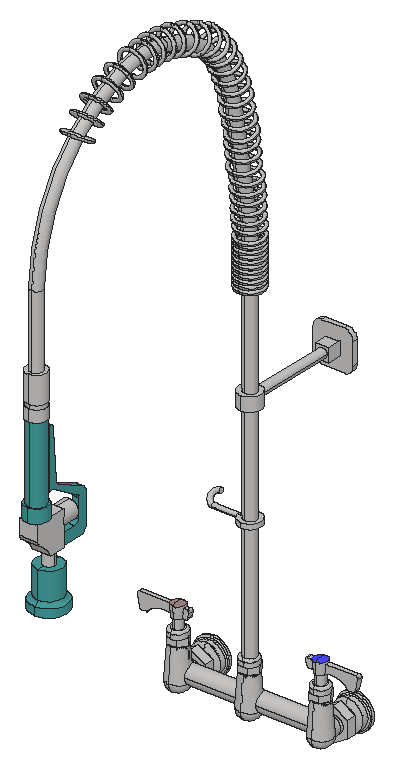
Revit family "Krowne_17-108WL_WallMount_Pre-Rinse_Faucet", category Plumbing Fixtures, Revit 2018
Family settings
  Round Connector Dimension = Use Diameter
  Part Type = Normal
  OmniClass Number = 23.40.40.00
  OmniClass Title = Food Service Equipment and Furnishings
  Work Plane-Based = No
  Always vertical = Yes
  Cut with Voids When Loaded = No
  Shared = No
  Room Calculation Point = No
Parameters (values of type "DefaultType")
  Width = 12 3/4"
  Weight in Pounds = 5
  Watermarked By = ""
  Waste Water Discharge Temperature [instance] = -459.67 °F
  URL Cutsheet = ""
  URL = "https://krowne.com/"
  Status [instance] = ""
  Specification by User [instance] = ""
  Specification by Manufacturer [instance] = ""
  Serial Number [instance] = ""
  Revision Code [instance] = ""
  Plumbing Remarks [instance] = ""
  Plumbing Connection Type = ""
  NAFEM Spec ID Number [instance] = ""
  Model = "17-108WL"
  Masterspec [instance] = ""
  Manufacturer = "Krowne Metal"
  KCLRef = "KCL2C9,,0004c5aa-0000-0000-0000-000000000307,KR,17-108WL ,637171303360000000,f98cff66-b11b-4e3f-9cb6-cd3932b2c1ea,1543d1b9-f509-4aee-bd56-6745da4c4c0b"
  KCL SpecSheet URL = "http://kclweb.kclcad.com/imagehandler.ashx?kdoc=17-108wl&R=KR&M=17-108WL%20&VC=7&TID=KCLWeb&T=doc"
  Item Number [instance] = "-"
  Installed By [instance] = ""
  Hot Water Temperature = 100 °F
  Hot Water Size = 1/2"
  Hot Water RI Height [instance] = 0"
  Hot Water Minimum Pressure = 0.00 psi
  Hot Water Maximum Pressure = 0.00 psi
  Hot Water Flow = 1.2 GPM
  Hot Water Consumption = 0 GPM
  Hot Water Connection Height = 0"
  Height = 3 3/8"
  Furnished By [instance] = ""
  Foodservice Equipment Identifier = yes
  Description = "Wall Mount Pre-Rinse"
  Depth = 1 7/8"
  Cold Water Temperature Recommended = -459.67 °F
  Cold Water Size = 1/2"
  Cold Water RI Height [instance] = 0"
  Cold Water Minimum Pressure = 0.00 psi
  Cold Water Maximum Pressure = 0.00 psi
  Cold Water Flow = 1.2 GPM
  Cold Water Consumption = ""
  Cold Water Connection Height = 0"
  CSI MasterFormat = ""
  Assembly Code = "E1090300"
Reference planes
  plane 1 "BACK": y = 0
  plane 2: z = 0
  plane 3 "LEFT": x = -481.094
  plane 4 "RIGHT": x = -157.244
  plane 5 "CENTER L/R": x = -319.169
  plane 6: y = -23.812
  plane 7: y = -381
  plane 8: z = 96.837
  plane 9: x = -347.744
  plane 10: x = -290.594
  plane 11: z = 123.825
  plane 12: z = 73.025
  plane 13: z = 987.425
Lines and regions (mm)
  symbolic lines
    curve 1: arc (-319.169, -33.337, 0) -> (-328.694, -23.812, 0) -> (-319.169, -14.288, 0) r 9.525
    curve 2: arc (-319.169, -14.288, 0) -> (-309.644, -23.812, 0) -> (-319.169, -33.337, 0) r 9.525
Dimensions and locks
  "Width": plane 3 "LEFT" to plane 4 "RIGHT"
  plane 6 to plane 1 "BACK" = 15/16"
  equal spacing: plane 3 "LEFT", plane 5 "CENTER L/R", plane 4 "RIGHT"
  plane 7 to plane 6 = 14 1/16"
  equal spacing: plane 9, plane 5 "CENTER L/R", plane 10
  plane 9 to plane 10 = 2 1/4"
  plane 11 to plane 8 = 1 1/16"
  plane 8 to plane 12 = 15/16"
  aligned and locked: level to plane 2
Automatic sketch dimensions
  curve 2 to plane 5 "CENTER L/R" = 0"
  curve 2 to curve 1 = 3/8"
  plane 6 to curve 2 = 0"
Nested families
  nested 1: "QF_Krowne_14-8_Body" at (-4.763, 38.894, -3.175), type "QF_Krowne_14-8_Body"
  nested 2: "Spring_Faucet_Hose" at (-4.763, -23.812, -3.175), type "Spring_Faucet_Hose"
Connectors
  piping at (-420.769, 45.244, 34.131), diameter 12.7, driven by "Hot Water Flow", driven by "Hot Water Size"
    settings: on nested 1, index 1, connector inside diameter 24", connector length 0", flow factor 0, pipe flow 1.2 GPM, pressure drop 0.00 psi, fitting loss kfactor 0, connector angle 0.00°, fixture units 0, engagement length 0", angle of deflection 0.00°, flow configuration 1, flow direction 1, fitting loss method 0, system type 19, joint type 0, gender type 0, connector reference index -1, connector utility 0, adjustable connector no, is connector primary yes, connector description "HOT WATER"
  piping at (-217.569, 45.244, 34.131), diameter 12.7, driven by "Cold Water Flow", driven by "Cold Water Size"
    settings: on nested 1, index 2, connector inside diameter 24", connector length 0", flow factor 0, pipe flow 1.2 GPM, pressure drop 0.00 psi, fitting loss kfactor 0, connector angle 0.00°, fixture units 0, engagement length 0", angle of deflection 0.00°, flow configuration 1, flow direction 1, fitting loss method 0, system type 20, joint type 0, gender type 0, connector reference index -1, connector utility 0, adjustable connector no, is connector primary no, connector description "COLD WATER"
Definition of nested family "QF_Krowne_14-8_Body"
  Parameters (values of type "QF_Krowne_14-8_Body")
    Width = 12 3/8"
    Watermarked By = ""
    Height = 3 7/8"
    Description = ""
    Depth = 4 15/16"
  Reference planes
    plane 1 "BACK": y = 0
    plane 2: z = 0
    plane 3 "LEFT": x = -471.569
    plane 4 "RIGHT": x = -157.244
    plane 5 "TOP": z = 128.588
    plane 6 "Center": x = -314.407
    plane 7 "Left of Handle": x = -416.007
    plane 8 "Right of Handle": x = -212.807
    plane 9 "Center of Handles": y = -125.412
    plane 10 "Top of Body": z = 74.612
    plane 11: x = -444.582
    plane 12: x = -184.232
    plane 13 "Faucet Handle Center": y = -62.706
    plane 14: y = -59.531
    plane 15: y = -65.881
    plane 16: z = 37.306
  Forms (mm)
    Extrusion 1, solid
      sketch origin (0, 0, 80.962) x (0, 1, 0) y (-1, 0, 0)
        loop
          line (-62.38, 401.719) -> (-50.006, 408.863) -> (-50.006, 423.151) -> (-62.38, 430.294) -> (-74.753, 423.151) -> (-74.753, 408.863) -> (-62.38, 401.719)
        loop
          line (-62.38, 198.519) -> (-50.006, 205.663) -> (-50.006, 219.951) -> (-62.38, 227.094) -> (-74.753, 219.951) -> (-74.753, 205.663) -> (-62.38, 198.519)
        loop
          line (-62.38, 300.119) -> (-50.006, 307.263) -> (-50.006, 321.551) -> (-62.38, 328.694) -> (-74.753, 321.551) -> (-74.753, 307.263) -> (-62.38, 300.119)
      from 0 to 9.525
    Revolve 2, solid
      sketch origin (-416.007, 0, 0) x (0, 1, 0) y (0, 0, 1)
        loop
          line (-62.706, 90.488) -> (-50.006, 90.488) -> (-50.006, 96.838)
          arc (-50.006, 96.838) -> (-50.936, 99.083) -> (-53.181, 100.013) r 3.175
          line (-53.181, 100.013) -> (-62.706, 100.013) -> (-62.706, 90.488)
        axis (-62.706, 90.488) -> (-62.706, 100.013)
      angle from 0 to 360
    Revolve 3, solid
      sketch origin (-212.807, 0, 0) x (0, 1, 0) y (0, 0, 1)
        loop
          line (-62.706, 100.012) -> (-56.356, 100.012) -> (-56.356, 114.3) -> (-62.706, 114.3) -> (-62.706, 100.012)
        axis (-62.706, 100.012) -> (-62.706, 114.3)
      angle from 0 to 360
    Revolve 4, solid
      sketch origin (-416.007, 0, 0) x (0, 1, 0) y (0, 0, 1)
        loop
          line (-62.706, 100.013) -> (-56.356, 100.013) -> (-56.356, 114.3) -> (-62.706, 114.3) -> (-62.706, 100.013)
        axis (-62.706, 100.013) -> (-62.706, 114.3)
      angle from 0 to 360
    Revolve 5, solid
      sketch origin (-416.007, 0, 0) x (0, 1, 0) y (0, 0, 1)
        loop
          line (-62.706, 114.3) -> (-54.769, 114.3) -> (-53.181, 130.175) -> (-62.706, 130.175) -> (-62.706, 114.3)
        axis (-62.706, 114.3) -> (-62.706, 130.175)
      angle from 0 to 360
    Revolve 6, solid
      sketch origin (-212.807, 0, 0) x (0, 1, 0) y (0, 0, 1)
        loop
          line (-62.706, 114.3) -> (-54.769, 114.3) -> (-53.181, 130.175) -> (-62.706, 130.175) -> (-62.706, 114.3)
        axis (-62.706, 114.3) -> (-62.706, 130.175)
      angle from 0 to 360
    Revolve 7, solid
      sketch origin (-416.007, 0, 0) x (0, 1, 0) y (0, 0, 1)
        loop
          line (-62.706, 130.175) -> (-53.181, 130.175)
          arc (-53.181, 130.175) -> (-57.646, 132.655) -> (-62.706, 133.35) r 13.869
          line (-62.706, 133.35) -> (-62.706, 130.175)
        axis (-62.706, 130.175) -> (-62.706, 133.35)
      angle from 0 to 360
    Revolve 8, solid
      sketch origin (-212.807, 0, 0) x (0, 1, 0) y (0, 0, 1)
        loop
          line (-62.706, 130.175) -> (-53.181, 130.175)
          arc (-53.181, 130.175) -> (-57.646, 132.655) -> (-62.706, 133.35) r 13.869
          line (-62.706, 133.35) -> (-62.706, 130.175)
        axis (-62.706, 130.175) -> (-62.706, 133.35)
      angle from 0 to 360
    Extrusion 9, solid
      sketch origin (0, -62.706, 0) x (1, 0, 0) y (0, 0, 1)
        loop
          arc (-468.332, 128.588) -> (-470.787, 127.425) -> (-471.445, 124.79) r 3.175
          line (-471.445, 124.79) -> (-468.27, 108.916)
          arc (-468.27, 108.916) -> (-467.17, 107.083) -> (-465.157, 106.364) r 3.175
          line (-465.157, 106.364) -> (-458.81, 106.364)
          arc (-458.81, 106.364) -> (-457.469, 106.66) -> (-456.379, 107.496) r 3.175
          arc (-456.379, 107.496) -> (-441.832, 116.771) -> (-424.594, 116.065) r 28.792
          arc (-424.594, 116.065) -> (-424.065, 115.925) -> (-423.52, 115.878) r 3.175
          line (-423.52, 115.878) -> (-402.102, 115.878)
          arc (-402.102, 115.878) -> (-400.089, 116.597) -> (-398.988, 118.43) r 3.175
          line (-398.988, 118.43) -> (-397.716, 124.79)
          arc (-397.716, 124.79) -> (-398.374, 127.425) -> (-400.83, 128.588) r 3.175
          line (-400.83, 128.588) -> (-468.332, 128.588)
        loop
          line (-160.482, 128.588) -> (-227.984, 128.588)
          arc (-227.984, 128.588) -> (-230.439, 127.425) -> (-231.097, 124.79) r 3.175
          line (-231.097, 124.79) -> (-229.826, 118.43)
          arc (-229.826, 118.43) -> (-228.725, 116.597) -> (-226.712, 115.878) r 3.175
          line (-226.712, 115.878) -> (-205.294, 115.878)
          arc (-205.294, 115.878) -> (-204.749, 115.925) -> (-204.22, 116.065) r 3.175
          arc (-204.22, 116.065) -> (-186.982, 116.771) -> (-172.435, 107.496) r 28.792
          arc (-172.435, 107.496) -> (-171.345, 106.66) -> (-170.004, 106.364) r 3.175
          line (-170.004, 106.364) -> (-163.657, 106.364)
          arc (-163.657, 106.364) -> (-161.644, 107.083) -> (-160.544, 108.916) r 3.175
          line (-160.544, 108.916) -> (-157.369, 124.79)
          arc (-157.369, 124.79) -> (-158.027, 127.425) -> (-160.482, 128.588) r 3.175
      from -3.175 to 3.175
    Extrusion 10, solid
      sketch origin (0, 0, 0) x (1, 0, 0) y (0, 0, 1)
        loop
          circle (-416.007, 37.306) r 6.35
        loop
          circle (-212.807, 37.306) r 6.35
      from 0 to -6.35
    Revolve 11, solid
      sketch origin (-212.807, 0, 0) x (0, 1, 0) y (0, 0, 1)
        loop
          line (-62.706, 90.488) -> (-50.006, 90.488) -> (-50.006, 96.838)
          arc (-50.006, 96.838) -> (-50.936, 99.083) -> (-53.181, 100.013) r 3.175
          line (-53.181, 100.013) -> (-62.706, 100.013) -> (-62.706, 90.488)
        axis (-62.706, 90.488) -> (-62.706, 100.013)
      angle from 0 to 360
    Revolve 12, solid
      sketch origin (-416.007, 0, 0) x (0, 1, 0) y (0, 0, 1)
        loop
          line (0, 37.306) -> (0, 62.706) -> (-3.175, 62.706)
          arc (-3.175, 62.706) -> (-4.298, 62.241) -> (-4.762, 61.119) r 1.588
          line (-4.762, 61.119) -> (-6.75, 59.131) -> (-14.287, 59.131) -> (-17.462, 50.006) -> (-26.987, 50.006) -> (-26.988, 37.306) -> (0, 37.306)
        axis (0, 37.306) -> (-26.988, 37.306)
      angle from 0 to 360
    Revolve 13, solid
      sketch origin (-212.807, 0, 0) x (0, 1, 0) y (0, 0, 1)
        loop
          line (0, 37.306) -> (0, 62.706) -> (-3.175, 62.706)
          arc (-3.175, 62.706) -> (-4.298, 62.241) -> (-4.762, 61.119) r 1.588
          line (-4.762, 61.119) -> (-6.75, 59.131) -> (-14.287, 59.131) -> (-17.462, 50.006) -> (-26.987, 50.006) -> (-26.988, 37.306) -> (0, 37.306)
        axis (0, 37.306) -> (-26.988, 37.306)
      angle from 0 to 360
    Extrusion 14, solid
      sketch origin (-416.007, -26.988, 37.306) x (0, 0, 1) y (-1, 0, 0)
        loop
          line (11.915, -20.638) -> (23.83, 0) -> (11.915, 20.637) -> (-11.915, 20.637) -> (-23.83, 0) -> (-11.915, -20.637) -> (11.915, -20.638)
        loop
          line (11.915, -223.837) -> (23.83, -203.2) -> (11.915, -182.562) -> (-11.915, -182.562) -> (-23.83, -203.2) -> (-11.915, -223.837) -> (11.915, -223.837)
      from 0 to 12.7
    Sweep 15, solid
      path origin (-416.007, 0, 0) x (0, 1, 0) y (0, 0, 1)
        loop
          line (-26.988, 37.306) -> (-43.656, 37.306)
          arc (-43.656, 37.306) -> (-57.127, 42.886) -> (-62.706, 56.356) r 19.05
          line (-62.706, 56.356) -> (-62.706, 80.962)
      profile origin (-416.007, -35.322, 37.306) x (0, 0, -1) y (1, 0, 0)
        loop
          circle (0, 0) r 12.7
    Sweep 16, solid
      path origin (-212.807, 0, 0) x (0, 1, 0) y (0, 0, 1)
        loop
          line (-26.988, 37.306) -> (-43.656, 37.306)
          arc (-43.656, 37.306) -> (-57.127, 42.886) -> (-62.706, 56.356) r 19.05
          line (-62.706, 56.356) -> (-62.706, 80.962)
      profile origin (-212.807, -35.322, 37.306) x (0, 0, -1) y (1, 0, 0)
        loop
          circle (0, 0) r 12.7
    Extrusion 17, solid
      sketch origin (-416.007, 0, 0) x (0, 1, 0) y (0, 0, 1)
        loop
          circle (-57.127, 42.886) r 12.7
      from 0 to 203.2
    Sweep 18, solid
      path origin (-314.407, 0, 0) x (0, 1, 0) y (0, 0, 1)
        loop
          arc (-56.044, 41.884) -> (-60.961, 48.39) -> (-62.706, 56.356) r 19.05
          line (-62.706, 56.356) -> (-62.706, 80.962)
      profile origin (-314.407, -62.706, 68.659) x (0, -1, 0) y (1, 0, 0)
        loop
          circle (0, 0) r 12.7
    Revolve 19, solid
      sketch origin (-314.407, 0, 0) x (0, 1, 0) y (0, 0, 1)
        loop
          line (-62.706, 90.488) -> (-50.006, 90.488) -> (-50.006, 96.838)
          arc (-50.006, 96.838) -> (-50.936, 99.083) -> (-53.181, 100.013) r 3.175
          line (-53.181, 100.013) -> (-62.706, 100.013) -> (-62.706, 90.488)
        axis (-62.706, 90.488) -> (-62.706, 100.013)
      angle from 0 to 360
    Revolve 20, solid
      sketch origin (-416.007, 0, 0) x (0, 1, 0) y (0, 0, 1)
        loop
          line (-50.006, 80.962) -> (-62.706, 80.962) -> (-62.706, 20.044) -> (-59.365, 20.044)
          arc (-59.365, 20.044) -> (-50.077, 24.083) -> (-46.696, 33.63) r 12.7
          line (-46.696, 33.63) -> (-50.006, 80.962)
        axis (-62.706, 20.044) -> (-62.706, 80.962)
      angle from 0 to 360
    Revolve 21, solid
      sketch origin (-212.807, 0, 0) x (0, 1, 0) y (0, 0, 1)
        loop
          line (-50.006, 80.962) -> (-62.706, 80.962) -> (-62.706, 20.044) -> (-59.365, 20.044)
          arc (-59.365, 20.044) -> (-50.077, 24.083) -> (-46.696, 33.63) r 12.7
          line (-46.696, 33.63) -> (-50.006, 80.962)
        axis (-62.706, 20.044) -> (-62.706, 80.962)
      angle from 0 to 360
    Revolve 22, solid
      sketch origin (-314.407, 0, 0) x (0, 1, 0) y (0, 0, 1)
        loop
          line (-50.006, 80.962) -> (-62.706, 80.962) -> (-62.706, 20.044) -> (-59.365, 20.044)
          arc (-59.365, 20.044) -> (-50.077, 24.083) -> (-46.696, 33.63) r 12.7
          line (-46.696, 33.63) -> (-50.006, 80.962)
        axis (-62.706, 20.044) -> (-62.706, 80.962)
      angle from 0 to 360
  Lines and regions (mm)
    symbolic lines
      curve 1: line (-471.445, -59.531, 74.612) -> (-397.655, -59.531, 74.612)
      curve 2: line (-471.445, -65.881, 74.612) -> (-471.445, -59.531, 74.612)
      curve 3: line (-397.655, -65.881, 74.612) -> (-471.445, -65.881, 74.612)
      curve 4: line (-397.655, -59.531, 74.612) -> (-397.655, -65.881, 74.612)
      curve 5: line (-157.244, -59.531, 74.612) -> (-231.159, -59.531, 74.612)
      curve 6: line (-157.244, -65.881, 74.612) -> (-157.244, -59.531, 74.612)
      curve 7: line (-231.159, -65.881, 74.612) -> (-157.244, -65.881, 74.612)
      curve 8: line (-231.159, -59.531, 74.612) -> (-231.159, -65.881, 74.612)
      curve 9: line (-423.151, -50.333, 74.612) -> (-428.461, -59.531, 74.612)
      curve 10: line (-423.151, -50.333, 74.612) -> (-408.863, -50.333, 74.612)
      curve 11: line (-408.863, -50.333, 74.612) -> (-403.553, -59.531, 74.612)
      curve 12: line (-408.863, -75.08, 74.612) -> (-423.151, -75.08, 74.612)
      curve 13: line (-423.151, -75.08, 74.612) -> (-428.461, -65.881, 74.612)
      curve 14: line (-408.863, -75.08, 74.612) -> (-403.553, -65.881, 74.612)
      curve 15: line (-219.951, -50.333, 74.612) -> (-205.663, -50.333, 74.612)
      curve 16: line (-205.663, -50.333, 74.612) -> (-200.353, -59.531, 74.612)
      curve 17: line (-219.951, -50.333, 74.612) -> (-225.261, -59.531, 74.612)
      curve 18: line (-205.663, -75.08, 74.612) -> (-219.951, -75.08, 74.612)
      curve 19: line (-219.951, -75.08, 74.612) -> (-225.261, -65.881, 74.612)
      curve 20: line (-205.663, -75.08, 74.612) -> (-200.353, -65.881, 74.612)
      curve 21: line (-328.694, -62.38, 74.612) -> (-321.551, -74.753, 74.612)
      curve 22: line (-321.551, -74.753, 74.612) -> (-307.263, -74.753, 74.612)
      curve 23: line (-307.263, -74.753, 74.612) -> (-300.119, -62.38, 74.612)
      curve 24: line (-300.119, -62.38, 74.612) -> (-307.263, -50.006, 74.612)
      curve 25: line (-307.263, -50.006, 74.612) -> (-321.551, -50.006, 74.612)
      curve 26: line (-321.551, -50.006, 74.612) -> (-328.694, -62.38, 74.612)
      curve 27: line (-441.407, 0, 74.612) -> (-390.607, 0, 74.612)
      curve 28: line (-441.407, 0, 74.612) -> (-441.407, -3.175, 74.612)
      curve 29: line (-437.831, -6.75, 74.612) -> (-439.819, -4.763, 74.612)
      curve 30: arc (-439.819, -4.763, 74.612) -> (-440.942, -4.298, 74.612) -> (-441.407, -3.175, 74.612) r 1.588
      curve 31: line (-437.831, -6.75, 74.612) -> (-437.831, -14.288, 74.612)
      curve 32: line (-437.831, -14.288, 74.612) -> (-428.707, -17.463, 74.612)
      curve 33: line (-428.707, -17.463, 74.612) -> (-428.707, -26.987, 74.612)
      curve 34: line (-428.707, -26.987, 74.612) -> (-436.644, -26.987, 74.612)
      curve 35: line (-436.644, -26.987, 74.612) -> (-436.644, -39.688, 74.612)
      curve 36: line (-436.644, -39.688, 74.612) -> (-428.719, -39.687, 74.612)
      curve 37: line (-428.719, -39.687, 74.612) -> (-428.719, -59.531, 74.612)
      curve 38: line (-390.607, 0, 74.612) -> (-390.607, -3.175, 74.612)
      curve 39: line (-394.182, -6.75, 74.612) -> (-392.194, -4.763, 74.612)
      curve 40: arc (-392.194, -4.763, 74.612) -> (-391.072, -4.298, 74.612) -> (-390.607, -3.175, 74.612) r 1.588
      curve 41: line (-394.182, -6.75, 74.612) -> (-394.182, -14.288, 74.612)
      curve 42: line (-394.182, -14.288, 74.612) -> (-403.307, -17.463, 74.612)
      curve 43: line (-403.307, -17.463, 74.612) -> (-403.307, -26.987, 74.612)
      curve 44: line (-403.307, -26.987, 74.612) -> (-395.369, -26.987, 74.612)
      curve 45: line (-395.369, -26.987, 74.612) -> (-395.369, -39.688, 74.612)
      curve 46: line (-395.369, -39.688, 74.612) -> (-403.295, -39.687, 74.612)
      curve 47: line (-403.295, -39.687, 74.612) -> (-403.295, -59.531, 74.612)
      curve 48: line (-205.663, -50.333, 74.612) -> (-219.951, -50.333, 74.612)
      curve 49: line (-187.407, 0, 74.612) -> (-238.207, 0, 74.612)
      curve 50: line (-187.407, 0, 74.612) -> (-187.407, -3.175, 74.612)
      curve 51: line (-190.982, -6.75, 74.612) -> (-188.994, -4.763, 74.612)
      curve 52: arc (-188.994, -4.763, 74.612) -> (-187.872, -4.298, 74.612) -> (-187.407, -3.175, 74.612) r 1.588
      curve 53: line (-190.982, -6.75, 74.612) -> (-190.982, -14.288, 74.612)
      curve 54: line (-190.982, -14.288, 74.612) -> (-200.107, -17.463, 74.612)
      curve 55: line (-200.107, -17.463, 74.612) -> (-200.107, -26.987, 74.612)
      curve 56: line (-200.107, -26.987, 74.612) -> (-192.169, -26.987, 74.612)
      curve 57: line (-192.169, -26.987, 74.612) -> (-192.169, -39.688, 74.612)
      curve 58: line (-192.169, -39.688, 74.612) -> (-200.095, -39.687, 74.612)
      curve 59: line (-200.095, -39.687, 74.612) -> (-200.095, -59.531, 74.612)
      curve 60: line (-238.207, 0, 74.612) -> (-238.207, -3.175, 74.612)
      curve 61: line (-234.631, -6.75, 74.612) -> (-236.619, -4.763, 74.612)
      curve 62: arc (-236.619, -4.763, 74.612) -> (-237.742, -4.298, 74.612) -> (-238.207, -3.175, 74.612) r 1.588
      curve 63: line (-234.631, -6.75, 74.612) -> (-234.631, -14.288, 74.612)
      curve 64: line (-234.631, -14.288, 74.612) -> (-225.507, -17.463, 74.612)
      curve 65: line (-225.507, -17.463, 74.612) -> (-225.507, -26.987, 74.612)
      curve 66: line (-225.507, -26.987, 74.612) -> (-233.444, -26.987, 74.612)
      curve 67: line (-233.444, -26.987, 74.612) -> (-233.444, -39.688, 74.612)
      curve 68: line (-233.444, -39.688, 74.612) -> (-225.519, -39.687, 74.612)
      curve 69: line (-225.519, -39.687, 74.612) -> (-225.519, -59.531, 74.612)
      curve 70: line (-403.295, -44.504, 74.612) -> (-225.519, -44.504, 74.612)
      curve 71: line (-405.528, -69.303, 74.612) -> (-324.697, -69.303, 74.612)
      curve 72: line (-303.555, -69.303, 74.612) -> (-223.286, -69.303, 74.612)
  Dimensions and locks
    "Width": plane 3 "LEFT" to plane 4 "RIGHT"
    equal spacing: plane 3 "LEFT", plane 6 "Center", plane 4 "RIGHT"
    "Depth": plane 9 "Center of Handles" to plane 1 "BACK"
    plane 10 "Top of Body" to level = 2 15/16"
    equal spacing: plane 10 "Top of Body", plane 16, level
    locked: plane 3 "LEFT" to plane 11 at 26.988
    locked: plane 12 to plane 4 "RIGHT" at 26.988
    locked: plane 8 "Right of Handle" to plane 12 at 28.575
    locked: plane 11 to plane 7 "Left of Handle" at 28.575
    locked: plane 5 "TOP" to plane 10 "Top of Body" at 53.975
    equal spacing: plane 15, plane 13 "Faucet Handle Center", plane 14, locked at 3.175 each
    plane 15 to plane 14 = 1/4"
    equal spacing: plane 9 "Center of Handles", plane 13 "Faucet Handle Center", plane 1 "BACK"
    aligned and locked: level to plane 2
    aligned and locked: Revolve 5 sketch curve to Revolve 5 sketch curve
    aligned and locked: Revolve 6 sketch curve to Revolve 6 sketch curve
    aligned and locked: Extrusion 9 sketch curve to plane 5 "TOP"
    aligned and locked: plane 5 "TOP" to Extrusion 9 sketch curve
    aligned and locked: Extrusion 9 to plane 14
    aligned and locked: curve 1 to Extrusion 9
    aligned and locked: curve 2 to Extrusion 9
    aligned and locked: curve 3 to Extrusion 9
    aligned and locked: curve 5 to Extrusion 9
    aligned and locked: Extrusion 9 to curve 7
    aligned and locked: plane 4 "RIGHT" to curve 6
    aligned and locked: Revolve 11 sketch curve to plane 13 "Faucet Handle Center"
    aligned and locked: plane 8 "Right of Handle" to Extrusion 17
    aligned and locked: plane 13 "Faucet Handle Center" to Revolve 20 sketch curve
  Automatic sketch dimensions
    Revolve 2 sketch curve to plane 13 "Faucet Handle Center" = 0"  (x2)
    Revolve 2 sketch curve to Revolve 2 sketch curve = 3/8"
    Revolve 2 sketch curve to Revolve 2 sketch curve = 1/8"
    plane 10 "Top of Body" to Revolve 2 sketch curve = 5/8"
    Revolve 2 sketch curve to Revolve 2 sketch curve = 1/4"
    Revolve 2 sketch curve to Revolve 2 sketch curve = 0"  (x2)
    Revolve 3 sketch curve to plane 13 "Faucet Handle Center" = 0"  (x2)
    Revolve 3 sketch curve to plane 13 "Faucet Handle Center" = 1/4"
    plane 10 "Top of Body" to Revolve 3 sketch curve = 1"
    Revolve 3 sketch curve to Revolve 3 sketch curve = 9/16"
    Revolve 3 sketch curve to Revolve 3 sketch curve = 3/8"
    Revolve 3 sketch curve to Revolve 3 sketch curve = 0"
    Revolve 4 sketch curve to plane 13 "Faucet Handle Center" = 0"  (x2)
    Revolve 4 sketch curve to Revolve 4 sketch curve = 1/4"
    plane 10 "Top of Body" to Revolve 4 sketch curve = 1"
    Revolve 4 sketch curve to Revolve 4 sketch curve = 9/16"
    Revolve 4 sketch curve to Revolve 4 sketch curve = 3/8"
    Revolve 4 sketch curve to Revolve 4 sketch curve = 0"
    Revolve 5 sketch curve to plane 13 "Faucet Handle Center" = 0"
    Revolve 5 sketch curve to Revolve 5 sketch curve = 5/16"
    plane 5 "TOP" to Revolve 5 sketch curve = 1/16"
    Revolve 5 sketch curve to Revolve 5 sketch curve = 3/8"
    Revolve 5 sketch curve to plane 5 "TOP" = 9/16"
    Revolve 5 sketch curve to Revolve 5 sketch curve = 0"  (x2)
    Revolve 6 sketch curve to plane 13 "Faucet Handle Center" = 0"
    Revolve 6 sketch curve to plane 13 "Faucet Handle Center" = 5/16"
    plane 5 "TOP" to Revolve 6 sketch curve = 1/16"
    Revolve 6 sketch curve to plane 13 "Faucet Handle Center" = 3/8"
    Revolve 6 sketch curve to plane 5 "TOP" = 9/16"
    Revolve 6 sketch curve to Revolve 6 sketch curve = 0"  (x2)
    Revolve 7 sketch curve to plane 13 "Faucet Handle Center" = 0"  (x2)
    Revolve 7 sketch curve to plane 13 "Faucet Handle Center" = 0.02655"
    plane 5 "TOP" to Revolve 7 sketch curve = 1/16"
    Revolve 7 sketch curve to Revolve 7 sketch curve = 3/8"
    Revolve 7 sketch curve to plane 5 "TOP" = 0.35786"
    Revolve 7 sketch curve to Revolve 7 sketch curve = 0"  (x2)
    Revolve 8 sketch curve to plane 13 "Faucet Handle Center" = 0"  (x2)
    Revolve 8 sketch curve to plane 13 "Faucet Handle Center" = 0.02655"
    plane 5 "TOP" to Revolve 8 sketch curve = 1/16"
    Revolve 8 sketch curve to Revolve 8 sketch curve = 3/8"
    Revolve 8 sketch curve to plane 5 "TOP" = 0.35786"
    Revolve 8 sketch curve to Revolve 8 sketch curve = 0"  (x2)
    Revolve 12 sketch curve to plane 9 "Center of Handles" = 0"
    Revolve 12 sketch curve to plane 16 = 0"  (x2)
    Revolve 12 sketch curve to plane 1 "BACK" = 0"  (x2)
    plane 16 to Revolve 12 sketch curve = 1/2"
    plane 1 "BACK" to Revolve 12 sketch curve = 1 1/16"
    Revolve 12 sketch curve to Revolve 12 sketch curve = 3/8"
    Revolve 12 sketch curve to Revolve 12 sketch curve = 1/8"
    plane 1 "BACK" to Revolve 12 sketch curve = 0.26577"
    Revolve 12 sketch curve to Revolve 12 sketch curve = 0.07827"  (x2)
    Revolve 12 sketch curve to Revolve 12 sketch curve = 1/16"
    Revolve 12 sketch curve to Revolve 12 sketch curve = 0.35923"
    Revolve 13 sketch curve to plane 9 "Center of Handles" = 0"
    Revolve 13 sketch curve to plane 16 = 0"  (x2)
    Revolve 13 sketch curve to plane 1 "BACK" = 0"  (x2)
    Revolve 13 sketch curve to Revolve 13 sketch curve = 1 1/16"
    Revolve 13 sketch curve to Revolve 13 sketch curve = 3/8"
    Revolve 13 sketch curve to Revolve 13 sketch curve = 1/8"
    plane 1 "BACK" to Revolve 13 sketch curve = 0.26577"
    Revolve 13 sketch curve to Revolve 13 sketch curve = 0.07827"  (x2)
    Revolve 13 sketch curve to Revolve 13 sketch curve = 1/16"
    plane 16 to Revolve 13 sketch curve = 1/2"
    Revolve 13 sketch curve to Revolve 13 sketch curve = 0.35923"
    Revolve 12 to Extrusion 14 sketch curve = 0"
    Extrusion 14 sketch curve to Revolve 12 = 0"
    Revolve 12 to Extrusion 14 sketch curve = 8"  (x2)
    Extrusion 14 sketch curve to Extrusion 14 sketch curve = 0"
    Extrusion 14 sketch curve to Extrusion 14 sketch curve = 0.4691"  (x6)
    Extrusion 14 sketch curve to Extrusion 14 sketch curve = 0.93819"  (x4)
    Revolve 12 to Extrusion 14 sketch curve = 7 3/16"
    Revolve 12 to Extrusion 14 sketch curve = 8 13/16"
    Revolve 12 to Extrusion 14 sketch curve = 13/16"
    Extrusion 14 sketch curve to Revolve 12 = 13/16"
    plane 15 to Extrusion 1 sketch curve = 0.34928"  (x3)
    Extrusion 1 sketch curve to plane 13 "Faucet Handle Center" = 0.01286"  (x6)
    Extrusion 1 sketch curve to plane 14 = 3/8"  (x3)
    plane 8 "Right of Handle" to Extrusion 1 sketch curve = 9/16"
    plane 8 "Right of Handle" to Extrusion 1 sketch curve = 9/32"  (x2)
    Extrusion 1 sketch curve to plane 8 "Right of Handle" = 9/32"  (x2)
    Extrusion 1 sketch curve to plane 8 "Right of Handle" = 9/16"
    plane 6 "Center" to Extrusion 1 sketch curve = 9/16"
    plane 6 "Center" to Extrusion 1 sketch curve = 9/32"  (x2)
    Extrusion 1 sketch curve to plane 6 "Center" = 9/32"  (x2)
    Extrusion 1 sketch curve to Extrusion 1 sketch curve = 9/32"  (x2)
    plane 7 "Left of Handle" to Extrusion 1 sketch curve = 9/16"
    plane 7 "Left of Handle" to Extrusion 1 sketch curve = 9/32"  (x2)
    Extrusion 1 sketch curve to plane 7 "Left of Handle" = 9/32"  (x2)
    plane 3 "LEFT" to Extrusion 9 sketch curve = 0.0049"
    Extrusion 9 sketch curve to Extrusion 9 sketch curve = 0.12257"  (x5)
    plane 3 "LEFT" to Extrusion 9 sketch curve = 0.12989"
    Extrusion 9 sketch curve to Extrusion 9 sketch curve = 0.24989"  (x2)
    plane 11 to Extrusion 9 sketch curve = 0.40333"
    Extrusion 9 sketch curve to plane 7 "Left of Handle" = 0.29578"
    plane 7 "Left of Handle" to Extrusion 9 sketch curve = 0.54745"
    Extrusion 9 sketch curve to plane 5 "TOP" = 1/8"  (x2)
    Extrusion 9 sketch curve to Extrusion 9 sketch curve = 0.05007"  (x2)
    Extrusion 9 sketch curve to plane 5 "TOP" = 0.39989"
    Extrusion 9 sketch curve to plane 5 "TOP" = 0.14951"  (x4)
    Extrusion 9 sketch curve to plane 8 "Right of Handle" = 0.7201"
    plane 8 "Right of Handle" to Extrusion 9 sketch curve = 0.29578"
    Extrusion 9 sketch curve to plane 12 = 0.40333"
    Extrusion 9 sketch curve to plane 4 "RIGHT" = 0.50235"
    Extrusion 9 sketch curve to plane 4 "RIGHT" = 0.12748"
    Extrusion 9 sketch curve to plane 4 "RIGHT" = 0.0049"
    Extrusion 9 sketch curve to Extrusion 9 sketch curve = 0.25038"
    Extrusion 9 sketch curve to plane 5 "TOP" = 0.50038"
    Extrusion 9 sketch curve to Extrusion 9 sketch curve = 0.10049"
    Extrusion 9 sketch curve to plane 5 "TOP" = 0.74996"  (x2)
    Extrusion 9 sketch curve to Extrusion 9 sketch curve = 0"  (x4)
    Extrusion 9 sketch curve to Extrusion 9 sketch curve = 0.02451"  (x2)
    plane 10 "Top of Body" to Extrusion 9 sketch curve = 0.56533"  (x2)
    Extrusion 9 sketch curve to Extrusion 9 sketch curve = 1/8"  (x2)
    Extrusion 10 sketch curve to plane 7 "Left of Handle" = 0"
    Extrusion 10 sketch curve to plane 8 "Right of Handle" = 0"
    Extrusion 10 sketch curve to plane 16 = 0"  (x2)
    Revolve 11 sketch curve to plane 13 "Faucet Handle Center" = 0"
    Revolve 11 sketch curve to plane 14 = 1/4"
    Revolve 11 sketch curve to Revolve 11 sketch curve = 1/8"
    plane 10 "Top of Body" to Revolve 11 sketch curve = 5/8"
    Revolve 11 sketch curve to Revolve 11 sketch curve = 1/4"
    Revolve 11 sketch curve to Revolve 11 sketch curve = 0"  (x2)
    Sweep 15 sketch curve to plane 13 "Faucet Handle Center" = 0"
    Sweep 15 sketch curve to plane 16 = 0"
    Sweep 15 sketch curve to plane 14 = 5/8"
    Sweep 15 sketch curve to Sweep 15 sketch curve = 21/32"
    plane 10 "Top of Body" to Sweep 15 sketch curve = 1/4"
    Sweep 15 sketch curve to plane 7 "Left of Handle" = 0"
    Sweep 15 sketch curve to profile plane = 0"
    Sweep 16 sketch curve to plane 13 "Faucet Handle Center" = 0"
    Sweep 16 sketch curve to plane 16 = 0"
    Sweep 16 sketch curve to plane 14 = 5/8"
    Sweep 16 sketch curve to Sweep 16 sketch curve = 21/32"
    plane 10 "Top of Body" to Sweep 16 sketch curve = 1/4"
    Sweep 16 sketch curve to plane 8 "Right of Handle" = 0"
    Sweep 16 sketch curve to profile plane = 0"
    Extrusion 17 sketch curve to plane 14 = 0.09467"
    plane 16 to Extrusion 17 sketch curve = 0.21967"
    Sweep 18 sketch curve to plane 13 "Faucet Handle Center" = 0"
    Sweep 18 sketch curve to plane 14 = 5/8"
    Sweep 18 sketch curve to plane 10 "Top of Body" = 23/32"
    Sweep 18 sketch curve to plane 14 = 0.1373"
    plane 10 "Top of Body" to Sweep 18 sketch curve = 1/4"
    Sweep 18 sketch curve to plane 6 "Center" = 0"
    Sweep 18 sketch curve to profile plane = 0"
    Revolve 19 sketch curve to plane 13 "Faucet Handle Center" = 0"  (x2)
    Revolve 19 sketch curve to plane 14 = 1/4"
    Revolve 19 sketch curve to Revolve 19 sketch curve = 1/8"
    plane 10 "Top of Body" to Revolve 19 sketch curve = 5/8"
    Revolve 19 sketch curve to Revolve 19 sketch curve = 1/4"
    Revolve 19 sketch curve to Revolve 19 sketch curve = 0"  (x2)
    plane 1 "BACK" to curve 27 = 0"
    plane 1 "BACK" to curve 49 = 0"
    plane 15 to curve 21 = 0.34928"
    plane 15 to curve 12 = 0.36214"
    curve 23 to plane 13 "Faucet Handle Center" = 0.01286"
    curve 21 to plane 13 "Faucet Handle Center" = 0.01286"
    curve 9 to plane 14 = 0.36214"
    curve 17 to plane 14 = 0.36214"
    curve 25 to plane 14 = 3/8"
    curve 15 to curve 67 = 0.41911"
    curve 10 to curve 47 = 0.41911"
    curve 57 to plane 12 = 5/16"
    curve 15 to curve 57 = 0.41911"
    plane 11 to curve 35 = 5/16"
    curve 9 to curve 35 = 0.41911"
    curve 68 to curve 66 = 1/2"
    curve 57 to curve 57 = 1/2"
    curve 46 to curve 43 = 1/2"
    curve 36 to curve 33 = 1/2"
    curve 65 to curve 65 = 3/8"
    curve 55 to curve 54 = 3/8"
    curve 33 to curve 33 = 3/8"
    curve 43 to curve 42 = 3/8"
    curve 64 to curve 63 = 1/8"
    plane 11 to curve 32 = 0.26577"
    curve 32 to curve 32 = 1/8"
    curve 42 to curve 42 = 1/8"
    curve 54 to curve 53 = 1/8"
    plane 1 "BACK" to curve 63 = 0.26577"
    plane 1 "BACK" to curve 41 = 0.26577"
    plane 1 "BACK" to curve 51 = 0.26577"
    plane 1 "BACK" to curve 31 = 0.26577"
    curve 51 to curve 51 = 0.07827"
    curve 29 to curve 29 = 0.07827"
    curve 61 to curve 61 = 0.07827"  (x2)
    curve 39 to curve 39 = 0.07827"
    curve 62 to curve 62 = 1/16"
    curve 39 to curve 38 = 1/16"
    curve 52 to curve 52 = 1/16"
    curve 29 to curve 30 = 1/16"
    curve 50 to plane 12 = 1/8"
    curve 53 to plane 12 = 0.26577"
    curve 57 to curve 58 = 0.31203"
    curve 53 to curve 55 = 0.35923"
    plane 8 "Right of Handle" to curve 15 = 9/32"
    plane 8 "Right of Handle" to curve 18 = 9/32"
    curve 15 to plane 8 "Right of Handle" = 9/32"
    curve 18 to plane 8 "Right of Handle" = 9/32"
    curve 66 to plane 8 "Right of Handle" = 1/2"
    curve 15 to curve 68 = 0.21922"
    curve 69 to curve 8 = 0.22206"
    curve 65 to curve 66 = 5/16"
    curve 64 to curve 63 = 0.35923"
    plane 6 "Center" to curve 24 = 9/16"
    plane 6 "Center" to curve 23 = 9/32"
    plane 6 "Center" to curve 24 = 9/32"
    curve 26 to plane 6 "Center" = 9/32"
    curve 21 to plane 6 "Center" = 9/32"
    curve 21 to curve 21 = 9/32"
    plane 7 "Left of Handle" to curve 27 = 1"
    curve 40 to curve 39 = 0.07827"
    plane 7 "Left of Handle" to curve 45 = 13/16"
    plane 7 "Left of Handle" to curve 4 = 0.72253"
    curve 45 to curve 47 = 0.31203"
    curve 41 to curve 43 = 0.35923"
    plane 7 "Left of Handle" to curve 10 = 9/32"
    plane 7 "Left of Handle" to curve 12 = 9/32"
    curve 12 to plane 7 "Left of Handle" = 9/32"
    curve 10 to plane 7 "Left of Handle" = 9/32"
    curve 33 to curve 31 = 0.35923"
    curve 36 to curve 35 = 0.31203"
    curve 29 to curve 30 = 0.07827"
    plane 15 to curve 72 = 0.13473"
    plane 15 to curve 71 = 0.13473"
    curve 70 to curve 46 = 0.18961"
    curve 59 to curve 20 = 0.01014"
    curve 59 to curve 16 = 0.01014"
    curve 18 to curve 72 = 0.1313"
    curve 17 to curve 69 = 0.01014"
    curve 72 to curve 19 = 0.07779"
    curve 72 to curve 22 = 0.146"
    curve 3 to curve 14 = 0.2322"
    curve 47 to curve 11 = 0.01014"
    curve 13 to curve 37 = 0.01014"
    curve 9 to curve 37 = 0.01014"
    Revolve 20 sketch curve to plane 13 "Faucet Handle Center" = 0"
    Revolve 20 sketch curve to plane 14 = 0.00653"
    Revolve 20 sketch curve to plane 14 = 3/8"
    Revolve 20 sketch curve to plane 16 = 0.14474"
    Revolve 20 sketch curve to Revolve 20 sketch curve = 0.49878"
    Revolve 20 sketch curve to plane 16 = 0.17962"
    plane 10 "Top of Body" to Revolve 20 sketch curve = 1/4"
    level to Revolve 20 sketch curve = 0.38545"
    Revolve 20 sketch curve to Revolve 20 sketch curve = 0.07103"
    Revolve 21 sketch curve to plane 13 "Faucet Handle Center" = 0"  (x2)
    Revolve 21 sketch curve to plane 14 = 0.00653"
    Revolve 21 sketch curve to plane 14 = 3/8"
    Revolve 21 sketch curve to plane 16 = 0.14474"
    Revolve 21 sketch curve to Revolve 21 sketch curve = 0.49878"
    Revolve 21 sketch curve to plane 16 = 0.17962"
    plane 10 "Top of Body" to Revolve 21 sketch curve = 1/4"
    level to Revolve 21 sketch curve = 0.38545"
    Revolve 21 sketch curve to Revolve 21 sketch curve = 0.07103"
    Revolve 22 sketch curve to plane 13 "Faucet Handle Center" = 0"  (x2)
    Revolve 22 sketch curve to plane 14 = 0.00653"
    Revolve 22 sketch curve to plane 14 = 3/8"
    Revolve 22 sketch curve to plane 16 = 0.14474"
    Revolve 22 sketch curve to Revolve 22 sketch curve = 0.49878"
    Revolve 22 sketch curve to plane 16 = 0.17962"
    plane 10 "Top of Body" to Revolve 22 sketch curve = 1/4"
    level to Revolve 22 sketch curve = 0.38545"
    Revolve 22 sketch curve to Revolve 22 sketch curve = 0.07103"
    radius of Extrusion 10 sketch curve = 1/4"  (x2)
    radius of Sweep 15 sketch curve = 1/2"
    radius of Sweep 16 sketch curve = 1/2"
    radius of Extrusion 17 sketch curve = 1/2"
    radius of Sweep 18 sketch curve = 1/2"
Definition of nested family "Spring_Faucet_Hose"
  Parameters (values of type "Spring_Faucet_Hose")
    Width = 8 3/8"
    Watermarked By = ""
    Height = 3 7/8"
    Description = ""
    Depth = 1 7/8"
  Reference planes
    plane 1 "BACK": y = 0
    plane 2: z = 0
    plane 3 "TOP": z = 98.425
    plane 4 "Center": x = -314.407
    plane 5 "Top of Body": z = 44.45
    plane 6: z = 22.225
    plane 7: y = -357.188
    plane 8: z = 962.025
    plane 9 "Bottom of Hose Handle": z = 419.1
    plane 10: z = 438.15
    plane 11: y = 15.875
    plane 12 "Back of Back Support": y = 155.575
    plane 13: y = 149.225
    plane 14: y = 130.175
  Forms (mm)
    Extrusion 1, solid
      sketch origin (-313.613, 0.014, 0) x (0, -1, 0) y (1, 0, 0)
        loop
          circle (0, 0) r 8.636
      from 100.013 to 575.638
    Revolve 2, solid
      sketch origin (-313.613, -31.523, -34.072) x (0, -1, 0) y (0, 0, 1)
        loop
          line (348.869, 476.885) -> (364.744, 476.885) -> (364.744, 495.935) -> (361.569, 495.935) -> (361.569, 605.472) -> (348.869, 605.472) -> (348.869, 476.885)
        axis (348.869, 476.885) -> (348.869, 605.472)
      angle from 0 to 360
    Sweep 3, solid
      path origin (-313.613, 0.014, 0) x (0, -1, 0) y (0, 0, 1)
        loop
          line (380.406, 631.726) -> (380.406, 736.011)
          arc (380.406, 736.011) -> (338.426, 865.702) -> (228.412, 946.193) r 221.32
          arc (228.412, 946.193) -> (193.937, 952.474) -> (159.057, 949.094) r 127
          arc (159.057, 949.094) -> (132.804, 940.933) -> (107.861, 929.371) r 207.338
          arc (107.861, 929.371) -> (56.997, 884.28) -> (30.797, 821.559) r 152.4
          line (30.797, 821.559) -> (2.217, 655.852)
          arc (2.217, 655.852) -> (0.555, 642.948) -> (0, 629.95) r 152.4
          line (0, 629.95) -> (0, 575.638)
      profile origin (-313.613, -380.392, 683.869) x (0, 1, 0) y (-1, 0, 0)
        loop
          circle (0, 0) r 8.632
    Sweep 4, solid
      path origin (-313.613, 241.021, 522.36) x (1, 0, 0) y (0, -0.694658, -0.71934)
        loop
          line (-0.794, 346.964) -> (-51.594, 346.964)
          arc (-51.594, 346.964) -> (-61.119, 337.439) -> (-51.594, 327.914) r 9.525
      profile origin (-339.807, 0, 272.775) x (0, 0.694658, 0.71934) y (0, 0.71934, -0.694658)
        loop
          circle (0, 0) r 3.175
    Sweep 5, solid
      path origin (-313.613, -725.451, -34.072) x (0, 1, 0) y (0, 0, -1)
        loop
          line (367.284, -427.672) -> (367.284, -408.622)
      profile origin (-313.613, -358.167, 384.076) x (-1, 0, 0) y (0, -1, 0)
        loop
          circle (0, 0) r 7.938
    Revolve 6, solid
      sketch origin (-313.613, -725.451, -34.072) x (0, 1, 0) y (0, 0, -1)
        loop
          line (367.284, -408.622) -> (386.334, -408.622) -> (386.334, -370.522)
          arc (386.334, -370.522) -> (388.194, -366.032) -> (392.684, -364.172) r 6.35
          line (392.684, -364.172) -> (392.684, -353.06) -> (367.284, -353.06) -> (367.284, -408.622)
        axis (367.284, -353.06) -> (367.284, -408.622)
      angle from 0 to 360
    Extrusion 7, solid
      sketch origin (-313.613, -725.451, -34.072) x (0, 1, 0) y (0, 0, -1)
        loop
          arc (389.509, -424.438) -> (381.574, -432.167) -> (389.093, -440.302) r 7.938
          line (389.093, -440.302) -> (408.143, -440.302)
          arc (408.143, -440.302) -> (412.633, -442.162) -> (414.493, -446.652) r 6.35
          line (414.493, -446.652) -> (414.493, -473.198)
          arc (414.493, -473.198) -> (413.66, -476.341) -> (411.382, -478.66) r 6.35
          line (411.382, -478.66) -> (368.872, -503.873) -> (362.522, -503.873) -> (362.522, -588.01)
          arc (362.522, -588.01) -> (367.012, -586.15) -> (368.872, -581.66) r 6.35
          line (368.872, -581.66) -> (374.209, -512.089)
          arc (374.209, -512.089) -> (375.288, -509.006) -> (377.757, -506.867) r 6.35
          line (377.757, -506.867) -> (420.862, -485.844)
          arc (420.862, -485.844) -> (426.064, -481.159) -> (427.994, -474.429) r 12.7
          line (427.994, -474.429) -> (427.994, -431.173) -> (421.259, -424.438) -> (389.509, -424.438)
      from -4.526 to 4.037
    Revolve 8, solid
      sketch origin (-313.613, -725.451, -34.072) x (0, 1, 0) y (0, 0, -1)
        loop
          line (378.397, -475.298) -> (403.797, -475.298) -> (403.797, -468.948) -> (406.972, -468.948) -> (406.972, -462.598) -> (378.397, -462.598) -> (378.397, -475.298)
        axis (406.972, -462.598) -> (378.397, -462.598)
      angle from 0 to 360
    Sweep 9, solid
      path origin (-313.613, 0.014, 572.262) x (0, -1, 0) y (1, 0, 0)
        loop
          circle (0, 0) r 18.288
      profile origin (-295.325, 0.014, 572.262) x (-1, 0, 0) y (0, 0, 1)
        loop
          circle (0, 0) r 2.077
    Sweep 10, solid
      path origin (-313.613, 0.014, 584.962) x (0, -1, 0) y (1, 0, 0)
        loop
          circle (0, 0) r 18.288
      profile origin (-295.325, 0.014, 584.962) x (-1, 0, 0) y (0, 0, 1)
        loop
          circle (0, 0) r 2.077
    Sweep 11, solid
      path origin (-313.613, 0.014, 597.662) x (0, -1, 0) y (1, 0, 0)
        loop
          circle (0, 0) r 18.288
      profile origin (-295.325, 0.014, 597.662) x (-1, 0, 0) y (0, 0, 1)
        loop
          circle (0, 0) r 2.077
    Sweep 12, solid
      path origin (-313.613, 0.014, 610.362) x (0, -1, 0) y (1, 0, 0)
        loop
          circle (0, 0) r 18.288
      profile origin (-295.325, 0.014, 610.362) x (-1, 0, 0) y (0, 0, 1)
        loop
          circle (0, 0) r 2.077
    Sweep 13, solid
      path origin (-313.613, 0.014, 623.062) x (0, -1, 0) y (1, 0, 0)
        loop
          circle (0, 0) r 18.288
      profile origin (-295.325, 0.014, 623.062) x (-1, 0, 0) y (0, 0, 1)
        loop
          circle (0, 0) r 2.077
    Sweep 14, solid
      path origin (-313.613, 0.014, 635.762) x (0, -0.997564, -0.069756) y (1, 0, 0)
        loop
          circle (0, 0) r 18.288
      profile origin (-295.325, 0.014, 635.762) x (-1, 0, 0) y (0, -0.069756, 0.997564)
        loop
          circle (0, 0) r 2.077
    Sweep 15, solid
      path origin (-313.613, 0.014, 648.462) x (0, -0.99863, -0.052336) y (1, 0, 0)
        loop
          circle (0, 0) r 18.288
      profile origin (-295.325, 0.014, 648.462) x (-1, 0, 0) y (0, -0.052336, 0.99863)
        loop
          circle (0, 0) r 2.077
    Sweep 16, solid
      path origin (-313.613, -2.191, 660.969) x (0, -0.997564, -0.069756) y (1, 0, 0)
        loop
          circle (0, 0) r 18.288
      profile origin (-295.325, -2.191, 660.969) x (-1, 0, 0) y (0, -0.069756, 0.997564)
        loop
          circle (0, 0) r 2.077
    Sweep 17, solid
      path origin (-313.613, -2.707, 673.857) x (0, -0.997564, -0.069756) y (1, 0, 0)
        loop
          circle (0, 0) r 18.288
      profile origin (-295.325, -2.707, 673.857) x (-1, 0, 0) y (0, -0.069756, 0.997564)
        loop
          circle (0, 0) r 2.077
    Sweep 18, solid
      path origin (-313.613, -3.222, 686.746) x (0, -0.997564, -0.069756) y (1, 0, 0)
        loop
          circle (0, 0) r 18.288
      profile origin (-295.325, -3.222, 686.746) x (-1, 0, 0) y (0, -0.069756, 0.997564)
        loop
          circle (0, 0) r 2.077
    Sweep 19, solid
      path origin (-313.613, -4.769, 699.634) x (0, -0.997564, -0.069756) y (1, 0, 0)
        loop
          circle (0, 0) r 18.288
      profile origin (-295.325, -4.769, 699.634) x (-1, 0, 0) y (0, -0.069756, 0.997564)
        loop
          circle (0, 0) r 2.077
    Sweep 20, solid
      path origin (-313.613, -5.285, 713.038) x (0, -0.997564, -0.069756) y (1, 0, 0)
        loop
          circle (0, 0) r 18.288
      profile origin (-295.325, -5.285, 713.038) x (-1, 0, 0) y (0, -0.069756, 0.997564)
        loop
          circle (0, 0) r 2.077
    Sweep 21, solid
      path origin (-313.613, -10.911, 730.051) x (0, -0.992546, -0.121869) y (1, 0, 0)
        loop
          circle (0, 0) r 18.288
      profile origin (-295.325, -10.911, 730.051) x (-1, 0, 0) y (0, -0.121869, 0.992546)
        loop
          circle (0, 0) r 2.077
    Sweep 22, solid
      path origin (-313.613, -11.942, 746.032) x (0, -0.997564, -0.069756) y (1, 0, 0)
        loop
          circle (0, 0) r 18.288
      profile origin (-295.325, -11.942, 746.032) x (-1, 0, 0) y (0, -0.069756, 0.997564)
        loop
          circle (0, 0) r 2.077
    Sweep 23, solid
      path origin (-313.613, -14.004, 761.498) x (0, -0.987688, -0.156434) y (1, 0, 0)
        loop
          circle (0, 0) r 18.288
      profile origin (-295.325, -14.004, 761.498) x (-1, 0, 0) y (0, -0.156434, 0.987688)
        loop
          circle (0, 0) r 2.077
    Sweep 24, solid
      path origin (-313.613, -15.035, 774.902) x (0, -0.978148, -0.207912) y (1, 0, 0)
        loop
          circle (0, 0) r 18.288
      profile origin (-295.325, -15.035, 774.902) x (-1, 0, 0) y (0, -0.207912, 0.978148)
        loop
          circle (0, 0) r 2.077
    Sweep 25, solid
      path origin (-313.613, -18.543, 791.274) x (0, -0.984808, -0.173648) y (1, 0, 0)
        loop
          circle (0, 0) r 18.288
      profile origin (-295.325, -18.543, 791.274) x (-1, 0, 0) y (0, -0.173648, 0.984808)
        loop
          circle (0, 0) r 2.077
    Sweep 26, solid
      path origin (-313.613, -22.831, 807.257) x (0, -0.990268, -0.139173) y (1, 0, 0)
        loop
          circle (0, 0) r 18.288
      profile origin (-295.325, -22.831, 807.257) x (-1, 0, 0) y (0, -0.139173, 0.990268)
        loop
          circle (0, 0) r 2.077
    Sweep 27, solid
      path origin (-313.613, -25.894, 825.578) x (0, -0.978148, -0.207912) y (1, 0, 0)
        loop
          circle (0, 0) r 18.288
      profile origin (-295.325, -25.894, 825.578) x (-1, 0, 0) y (0, -0.207912, 0.978148)
        loop
          circle (0, 0) r 2.077
    Sweep 28, solid
      path origin (-313.613, -30.825, 842.165) x (0, -0.978148, -0.207912) y (1, 0, 0)
        loop
          circle (0, 0) r 18.288
      profile origin (-295.325, -30.825, 842.165) x (-1, 0, 0) y (0, -0.207912, 0.978148)
        loop
          circle (0, 0) r 2.077
    Sweep 29, solid
      path origin (-313.613, -36.896, 859.2) x (0, -0.951057, -0.309017) y (1, 0, 0)
        loop
          circle (0, 0) r 18.288
      profile origin (-295.325, -36.896, 859.2) x (-1, 0, 0) y (0, -0.309017, 0.951057)
        loop
          circle (0, 0) r 2.077
    Sweep 30, solid
      path origin (-313.613, -45.208, 876.684) x (0, -0.927184, -0.374607) y (1, 0, 0)
        loop
          circle (0, 0) r 18.288
      profile origin (-295.325, -45.208, 876.684) x (-1, 0, 0) y (0, -0.374607, 0.927184)
        loop
          circle (0, 0) r 2.077
    Sweep 31, solid
      path origin (-313.613, -54.174, 893.719) x (0, -0.848048, -0.529919) y (1, 0, 0)
        loop
          circle (0, 0) r 18.288
      profile origin (-295.325, -54.174, 893.719) x (-1, 0, 0) y (0, -0.529919, 0.848048)
        loop
          circle (0, 0) r 2.077
    Sweep 32, solid
      path origin (-313.613, -65.381, 907.167) x (0, -0.745676, -0.666309) y (1, 0, 0)
        loop
          circle (0, 0) r 18.288
      profile origin (-295.325, -65.381, 907.167) x (-1, 0, 0) y (0, -0.666309, 0.745676)
        loop
          circle (0, 0) r 2.077
    Sweep 33, solid
      path origin (-313.613, -78.381, 919.719) x (0, -0.632262, -0.774755) y (1, 0, 0)
        loop
          circle (0, 0) r 18.288
      profile origin (-295.325, -78.381, 919.719) x (-1, 0, 0) y (0, -0.774755, 0.632262)
        loop
          circle (0, 0) r 2.077
    Sweep 34, solid
      path origin (-313.613, -96.107, 929.339) x (0, -0.434326, -0.900756) y (1, 0, 0)
        loop
          circle (0, 0) r 18.288
      profile origin (-295.325, -96.107, 929.339) x (-1, 0, 0) y (0, -0.900756, 0.434326)
        loop
          circle (0, 0) r 2.077
    Sweep 35, solid
      path origin (-313.613, -118.764, 938.959) x (0, -0.434326, -0.900756) y (1, 0, 0)
        loop
          circle (0, 0) r 18.288
      profile origin (-295.325, -118.764, 938.959) x (-1, 0, 0) y (0, -0.900756, 0.434326)
        loop
          circle (0, 0) r 2.077
    Sweep 36, solid
      path origin (-313.613, -139.834, 946.132) x (0, -0.134719, -0.990884) y (1, 0, 0)
        loop
          circle (0, 0) r 18.288
      profile origin (-295.325, -139.834, 946.132) x (-1, 0, 0) y (0, -0.990884, 0.134719)
        loop
          circle (0, 0) r 2.077
    Sweep 37, solid
      path origin (-313.613, -157.317, 949.27) x (0, -0.065271, -0.997868) y (1, 0, 0)
        loop
          circle (0, 0) r 18.288
      profile origin (-295.325, -157.317, 949.27) x (-1, 0, 0) y (0, -0.997868, 0.065271)
        loop
          circle (0, 0) r 2.077
    Sweep 38, solid
      path origin (-313.613, -175.903, 950.82) x (0, 0.027071, -0.999634) y (1, 0, 0)
        loop
          circle (0, 0) r 18.288
      profile origin (-295.325, -175.903, 950.82) x (-1, 0, 0) y (0, -0.999634, -0.027071)
        loop
          circle (0, 0) r 2.077
    Sweep 39, solid
      path origin (-313.613, -307.084, 897.617) x (0, 0.848048, -0.529919) y (-1, 0, 0)
        loop
          circle (0, 0) r 18.288
      profile origin (-295.325, -307.084, 897.617) x (1, 0, 0) y (0, 0.529919, 0.848048)
        loop
          circle (0, 0) r 2.077
    Sweep 40, solid
      path origin (-313.613, -290.809, 913.015) x (0, 0.745676, -0.666309) y (-1, 0, 0)
        loop
          circle (0, 0) r 18.288
      profile origin (-295.325, -290.809, 913.015) x (1, 0, 0) y (0, 0.666309, 0.745676)
        loop
          circle (0, 0) r 2.077
    Sweep 41, solid
      path origin (-313.613, -273.995, 924.482) x (0, 0.632262, -0.774755) y (-1, 0, 0)
        loop
          circle (0, 0) r 18.288
      profile origin (-295.325, -273.995, 924.482) x (1, 0, 0) y (0, 0.774755, 0.632262)
        loop
          circle (0, 0) r 2.077
    Sweep 42, solid
      path origin (-313.613, -253.888, 934.102) x (0, 0.434326, -0.900756) y (-1, 0, 0)
        loop
          circle (0, 0) r 18.288
      profile origin (-295.325, -253.888, 934.102) x (1, 0, 0) y (0, 0.900756, 0.434326)
        loop
          circle (0, 0) r 2.077
    Sweep 43, solid
      path origin (-313.613, -232.819, 941.34) x (0, 0.386588, -0.922252) y (-1, 0, 0)
        loop
          circle (0, 0) r 18.288
      profile origin (-295.325, -232.819, 941.34) x (1, 0, 0) y (0, 0.922252, 0.386588)
        loop
          circle (0, 0) r 2.077
    Sweep 44, solid
      path origin (-313.613, -209.368, 947.719) x (0, 0.134719, -0.990884) y (-1, 0, 0)
        loop
          circle (0, 0) r 18.288
      profile origin (-295.325, -209.368, 947.719) x (1, 0, 0) y (0, 0.990884, 0.134719)
        loop
          circle (0, 0) r 2.077
    Sweep 45, solid
      path origin (-313.613, -190.297, 949.27) x (0, 0.065271, -0.997868) y (-1, 0, 0)
        loop
          circle (0, 0) r 18.288
      profile origin (-295.325, -190.297, 949.27) x (1, 0, 0) y (0, 0.997868, 0.065271)
        loop
          circle (0, 0) r 2.077
    Sweep 46, solid
      path origin (-313.613, 0.014, 578.926) x (0, -1, 0) y (1, 0, 0)
        loop
          circle (0, 0) r 18.288
      profile origin (-295.325, 0.014, 578.926) x (-1, 0, 0) y (0, 0, 1)
        loop
          circle (0, 0) r 2.077
    Sweep 47, solid
      path origin (-313.613, 0.014, 591.626) x (0, -1, 0) y (1, 0, 0)
        loop
          circle (0, 0) r 18.288
      profile origin (-295.325, 0.014, 591.626) x (-1, 0, 0) y (0, 0, 1)
        loop
          circle (0, 0) r 2.077
    Sweep 48, solid
      path origin (-313.613, 0.014, 604.326) x (0, -1, 0) y (1, 0, 0)
        loop
          circle (0, 0) r 18.288
      profile origin (-295.325, 0.014, 604.326) x (-1, 0, 0) y (0, 0, 1)
        loop
          circle (0, 0) r 2.077
    Sweep 49, solid
      path origin (-313.613, 0.014, 617.026) x (0, -1, 0) y (1, 0, 0)
        loop
          circle (0, 0) r 18.288
      profile origin (-295.325, 0.014, 617.026) x (-1, 0, 0) y (0, 0, 1)
        loop
          circle (0, 0) r 2.077
    Sweep 50, solid
      path origin (-313.613, 0.014, 629.726) x (0, -1, 0) y (1, 0, 0)
        loop
          circle (0, 0) r 18.288
      profile origin (-295.325, 0.014, 629.726) x (-1, 0, 0) y (0, 0, 1)
        loop
          circle (0, 0) r 2.077
    Extrusion 51, solid
      sketch origin (0, 0, 419.1) x (0, 1, 0) y (-1, 0, 0)
        loop
          circle (0.014, 313.613) r 15.875
        loop
          circle (0.014, 313.613) r 8.636
      from 0 to 19.05
    Extrusion 52, solid
      sketch origin (0, 155.575, 0) x (1, 0, 0) y (0, 0, 1)
        loop
          line (-298.532, 457.2) -> (-330.282, 457.2)
          arc (-330.282, 457.2) -> (-339.262, 453.48) -> (-342.982, 444.5) r 12.7
          line (-342.982, 444.5) -> (-342.982, 412.75)
          arc (-342.982, 412.75) -> (-339.262, 403.77) -> (-330.282, 400.05) r 12.7
          line (-330.282, 400.05) -> (-298.532, 400.05)
          arc (-298.532, 400.05) -> (-289.552, 403.77) -> (-285.832, 412.75) r 12.7
          line (-285.832, 412.75) -> (-285.832, 444.5)
          arc (-285.832, 444.5) -> (-289.552, 453.48) -> (-298.532, 457.2) r 12.7
      from 0 to 6.35
    Extrusion 53, solid
      sketch origin (0, 149.225, 0) x (1, 0, 0) y (0, 0, 1)
        loop
          line (-304.882, 438.15) -> (-323.932, 438.15) -> (-323.932, 419.1) -> (-304.882, 419.1) -> (-304.882, 438.15)
      from 0 to 19.05
    Extrusion 54, solid
      sketch origin (0, 130.175, 0) x (1, 0, 0) y (0, 0, 1)
        loop
          circle (-314.407, 428.625) r 6.35
      from 0 to 114.3
    Extrusion 55, solid
      sketch origin (-314.407, 0, 0) x (0, 1, 0) y (0, 0, 1)
        loop
          line (-347.054, 393.601) -> (-347.054, 442.813) -> (-393.092, 442.813) -> (-393.092, 420.588)
          arc (-393.092, 420.588) -> (-392.232, 417.398) -> (-389.886, 415.071) r 6.35
          arc (-389.886, 415.071) -> (-378.026, 405.83) -> (-369.279, 393.601) r 52.388
          line (-369.279, 393.601) -> (-347.054, 393.601)
      from -12.7 to 12.7
    Revolve 56, solid
      sketch origin (-313.613, -31.523, -34.072) x (0, -1, 0) y (0, 0, 1)
        loop
          line (348.869, 605.472) -> (363.157, 605.472) -> (363.157, 621.347) -> (361.569, 621.347) -> (361.569, 627.697) -> (363.157, 627.697) -> (363.157, 665.797) -> (348.869, 665.797) -> (348.869, 605.472)
        axis (348.869, 605.472) -> (348.869, 665.797)
      angle from 0 to 360
    Extrusion 57, solid
      sketch origin (0, 0, 269.41) x (0, 1, 0) y (-1, 0, 0)
        loop
          circle (0.014, 313.613) r 15.875
        loop
          circle (0.014, 313.613) r 8.636
      from 0 to 6.35
  Lines and regions (mm)
    symbolic lines
      curve 1: arc (-296.002, -376.47, 0) -> (-288.778, -352.841, 0) -> (-305.056, -334.252, 0) r 25.4
      curve 2: arc (-331.224, -376.47, 0) -> (-338.502, -353.098, 0) -> (-322.663, -334.434, 0) r 25.4
      curve 3: arc (-313.613, -396.213, 0) -> (-296.455, -382.939, 0) -> (-304.994, -362.997, 0) r 17.726
      curve 4: arc (-322.252, -363.008, 0) -> (-330.768, -382.95, 0) -> (-313.613, -396.213, 0) r 17.726
      curve 5: line (-292.109, -307.866, 0) -> (-333.989, -307.866, 0)
      curve 6: line (-292.109, -288.816, 0) -> (-333.989, -288.816, 0)
      curve 7: line (-292.109, -274.04, 0) -> (-333.989, -274.04, 0)
      curve 8: line (-292.109, -254.99, 0) -> (-333.989, -254.99, 0)
      curve 9: line (-292.109, -240.213, 0) -> (-333.989, -240.213, 0)
      curve 10: line (-292.109, -221.163, 0) -> (-333.989, -221.163, 0)
      curve 11: line (-292.109, -206.387, 0) -> (-333.989, -206.387, 0)
      curve 12: line (-292.109, -187.337, 0) -> (-333.989, -187.337, 0)
      curve 13: line (-292.109, -172.56, 0) -> (-333.989, -172.56, 0)
      curve 14: line (-292.109, -153.51, 0) -> (-333.989, -153.51, 0)
      curve 15: line (-292.109, -138.734, 0) -> (-333.989, -138.734, 0)
      curve 16: line (-292.109, -119.684, 0) -> (-333.989, -119.684, 0)
      curve 17: line (-292.109, -104.907, 0) -> (-333.989, -104.907, 0)
      curve 18: line (-292.109, -85.857, 0) -> (-333.989, -85.857, 0)
      curve 19: line (-292.109, -71.081, 0) -> (-333.989, -71.081, 0)
      curve 20: line (-292.109, -52.031, 0) -> (-333.989, -52.031, 0)
      curve 21: line (-292.109, -37.254, 0) -> (-333.989, -37.254, 0)
      curve 22: line (-292.109, -18.204, 0) -> (-333.989, -18.204, 0)
      curve 23: line (-365.207, 8.407, 44.45) -> (-365.207, 17.976, 44.45)
      curve 24: arc (-365.207, 17.976, 44.45) -> (-373.68, 16.127, 44.45) -> (-378.981, 9.264, 44.45) r 12.676
      curve 25: arc (-378.981, 3.877, 44.45) -> (-373.603, -3.053, 44.45) -> (-365.081, -5.133, 44.45) r 13.313
